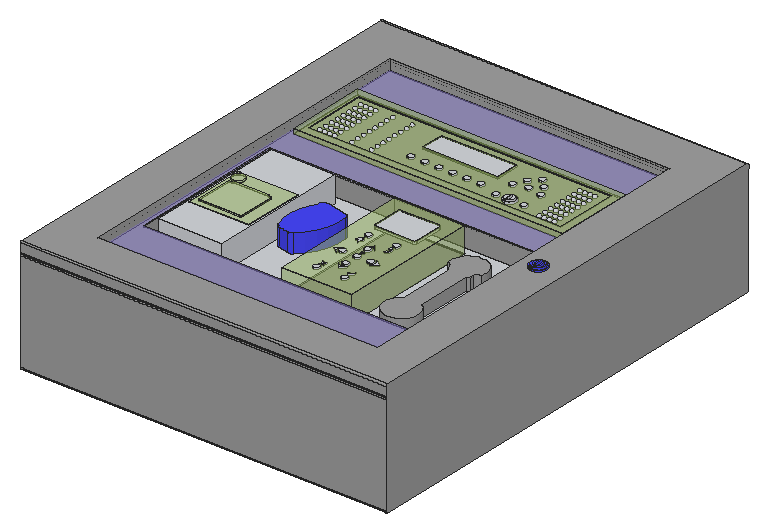
Revit family "Maxlogic Akıllı Adresli Yangın Alarm Santralı büyük kasa NPTA", category Fire Alarm Devices, host Face, Revit 2021
Family settings
  Host = Face
  Maintain Annotation Orientation = Yes
  Round Connector Dimension = Use Diameter
  Part Type = Normal
  OmniClass Number = 23.85.30.21
  OmniClass Title = Environmental Detection/Registration
  Cut with Voids When Loaded = No
  Shared = No
  Room Calculation Point = No
Parameters (values of type "Maxlogic Akıllı Adresli Yangın Alarm Santralı, Çevrimsiz, Network,Printer, Telefon, Anons")
  Weight = "~ 34,25 - 35,70 kg (Akü hariç ağırlık)"
  Weatherproof surface mounting back box = ""
  Warranty Duration Unit = "Year"
  Warranty Duration Parts = "2"
  Warranty Duration Labor = "2"
  Version = ""
  URL = "https://www.mavili.com.tr/"
  Recessed mounting base = ""
  Public Works Pose Number = ""
  Protection Sign = "IP30"
  Product Code = "ML-1250.NPTA"
  Phone Number = "(+)90 216 466 45 05"
  Operatonal Voltage (default) = ""
  Operating voltage range = ""
  Operating temperature = "(-10°C) - (+55°C)"
  Nominal Depth = "205 mm"
  Nominal Width = "650 mm"
  Nominal Height = "800 mm"
  Mounting surface = "Duvara montaj"
  Mounting height = ""
  Model = "MaxLogic"
  Manufacturer = "Mavili Elektronik Ticaret A.Ş."
  Installation Manual = "https://mavilielektronik.com/Revit/ML12XX_kk.pdf"
  Indicator output = ""
  Fax Number = "(+)90 216 466 45 10"
  External supply = "220 V AC"
  Email = "mavili@mavili.com.tr"
  Disclaimer = ""
  Device Adress Setup = ""
  Description = "Akıllı Adresli Yangın Alarm Santralı, Çevrimsiz, Network,Printer, Telefon, Anons"
  Default Elevation = 0 mm
  Current consumption = ""
  Cost unıt = ""
  Cost = 0
  Compatible sockets = ""
  Color = "Kırmızı"
  Code Performance = "EN 54\u001f-2 / EN 54-\u001f4"
  Main Material = "Metal Red"
  Secondary Material = "Plexiglas"
  Battery = "4 X (12V DC 7 Ah )"
  Address line 1 = "Şerifali Mahallesi Kutup Sokak No:27/1-2-4 Ümraniye TR-34775 İSTANBUL"
Reference planes
  plane 1 "Center (Front/Back)": y = 0
  plane 2: z = 0
  plane 3 "Center (Left/Right)": x = 0
Forms (mm)
  Extrusion 1, solid, material "MAVİLİ KIRMIZI"
    sketch origin (0, 0, 0) x (0, 1, 0) y (0, 0, 1)
      loop
        arc (400, 0) -> (401.202, 0.498) -> (401.7, 1.7) r 1.7
        line (401.7, 1.7) -> (401.7, 20) -> (401.7, 22) -> (401.7, 169.2) -> (401.7, 171.2) -> (401.7, 181.2)
        arc (401.7, 181.2) -> (401.319, 182.119) -> (400.4, 182.5) r 1.3
        line (400.4, 182.5) -> (375.5, 182.5) -> (375.5, 183.35) -> (400.4, 183.35)
        arc (400.4, 183.35) -> (402.238, 184.112) -> (403, 185.95) r 2.6
        line (403, 185.95) -> (403, 202.45)
        arc (403, 202.45) -> (402.268, 204.218) -> (400.5, 204.95) r 2.5
        line (400.5, 204.95) -> (-400.5, 204.95)
        arc (-400.5, 204.95) -> (-402.268, 204.218) -> (-403, 202.45) r 2.5
        line (-403, 202.45) -> (-403, 185.95)
        arc (-403, 185.95) -> (-402.238, 184.112) -> (-400.4, 183.35) r 2.6
        line (-400.4, 183.35) -> (-388, 183.35) -> (-375.4, 183.35) -> (-375.4, 182.507) -> (-400.401, 182.507)
        arc (-400.401, 182.507) -> (-401.319, 182.127) -> (-401.7, 181.208) r 1.299
        line (-401.7, 181.208) -> (-401.7, 1.7)
        arc (-401.7, 1.7) -> (-401.202, 0.498) -> (-400, 0) r 1.7
        line (-400, 0) -> (400, 0)
    from 0 to 653.309
  Extrusion 2, solid, material "MAVİLİ KOYU GRİ"
    sketch origin (0, 400.5, 204.95) x (0, -1, 0) y (1, 0, 0)
      loop
        circle (408.79, 607.566) r 14.964
    from 0 to 1.467
  Extrusion 3, solid, material "MAVİLİ KOYU GRİ"
    sketch origin (0, 400.5, 204.95) x (0, -1, 0) y (1, 0, 0)
      loop
        circle (408.79, 607.566) r 11.5
    from 0 to 3.526
  Extrusion 4, solid, material "MAVİLİ KOYU GRİ"
    sketch origin (0, 400.5, 204.95) x (0, -1, 0) y (1, 0, 0)
      loop
        circle (408.79, 607.566) r 7.5
    from 0 to 4.805
  Extrusion 5, solid, material "MAVİLİ KOYU GRİ"
    sketch origin (0, 400.5, 204.95) x (0, -1, 0) y (1, 0, 0)
      loop
        line (414.975, 609.11) -> (402.606, 609.11) -> (402.606, 606.022) -> (414.975, 606.022) -> (414.975, 609.11)
    from 0 to 7.467
  Extrusion 6, void
    sketch origin (0, 0, 0) x (1, 0, 0) y (0, 1, 0)
      loop
        line (77.8, 322.429) -> (77.8, -327.571) -> (577.8, -327.571) -> (577.8, 322.429) -> (77.8, 322.429)
    from 185.95 to 212.35
  Extrusion 7, solid, material "MAVİLİ BEYAZ"
    sketch origin (0, 0, 185.95) x (1, 0, 0) y (0, 1, 0)
      loop
        line (87.8, 238.929) -> (87.8, 95.929) -> (567.8, 95.929) -> (567.8, 238.929) -> (87.8, 238.929)
    from 0 to 11.04
  Extrusion 8, void
    sketch origin (0, 0, 196.99) x (0, 1, 0) y (1, 0, 0)
      loop
        line (223.929, 102.8) -> (223.929, 552.8) -> (110.929, 552.8) -> (110.929, 102.8) -> (223.929, 102.8)
    from 0 to 2.067
  Revolve 9, solid
    sketch origin (0, 0, 194.923) x (0, 1, 0) y (-1, 0, 0)
      loop
        line (211.929, -117.7) -> (205.929, -117.7)
        arc (205.929, -117.7) -> (208.929, -120.7) -> (211.929, -117.7) r 3
      axis (211.929, -117.7) -> (205.929, -117.7)
    angle from 0 to -180
  Revolve 10, solid
    sketch origin (9, 0, 194.923) x (0, 1, 0) y (-1, 0, 0)
      loop
        line (211.929, -117.7) -> (205.929, -117.7)
        arc (205.929, -117.7) -> (208.929, -120.7) -> (211.929, -117.7) r 3
      axis (211.929, -117.7) -> (205.929, -117.7)
    angle from 0 to -180
  Revolve 11, solid
    sketch origin (18, 0, 194.923) x (0, 1, 0) y (-1, 0, 0)
      loop
        line (211.929, -117.7) -> (205.929, -117.7)
        arc (205.929, -117.7) -> (208.929, -120.7) -> (211.929, -117.7) r 3
      axis (211.929, -117.7) -> (205.929, -117.7)
    angle from 0 to -180
  Revolve 12, solid
    sketch origin (27, 0, 194.923) x (0, 1, 0) y (-1, 0, 0)
      loop
        line (211.929, -117.7) -> (205.929, -117.7)
        arc (205.929, -117.7) -> (208.929, -120.7) -> (211.929, -117.7) r 3
      axis (211.929, -117.7) -> (205.929, -117.7)
    angle from 0 to -180
  Revolve 13, solid
    sketch origin (0, -13, 194.923) x (0, 1, 0) y (-1, 0, 0)
      loop
        line (211.929, -117.7) -> (205.929, -117.7)
        arc (205.929, -117.7) -> (208.929, -120.7) -> (211.929, -117.7) r 3
      axis (211.929, -117.7) -> (205.929, -117.7)
    angle from 0 to -180
  Revolve 14, solid
    sketch origin (9, -13, 194.923) x (0, 1, 0) y (-1, 0, 0)
      loop
        line (211.929, -117.7) -> (205.929, -117.7)
        arc (205.929, -117.7) -> (208.929, -120.7) -> (211.929, -117.7) r 3
      axis (211.929, -117.7) -> (205.929, -117.7)
    angle from 0 to -180
  Revolve 15, solid
    sketch origin (18, -13, 194.923) x (0, 1, 0) y (-1, 0, 0)
      loop
        line (211.929, -117.7) -> (205.929, -117.7)
        arc (205.929, -117.7) -> (208.929, -120.7) -> (211.929, -117.7) r 3
      axis (211.929, -117.7) -> (205.929, -117.7)
    angle from 0 to -180
  Revolve 16, solid
    sketch origin (27, -13, 194.923) x (0, 1, 0) y (-1, 0, 0)
      loop
        line (211.929, -117.7) -> (205.929, -117.7)
        arc (205.929, -117.7) -> (208.929, -120.7) -> (211.929, -117.7) r 3
      axis (211.929, -117.7) -> (205.929, -117.7)
    angle from 0 to -180
  Revolve 17, solid
    sketch origin (0, -26, 194.923) x (0, 1, 0) y (-1, 0, 0)
      loop
        line (211.929, -117.7) -> (205.929, -117.7)
        arc (205.929, -117.7) -> (208.929, -120.7) -> (211.929, -117.7) r 3
      axis (211.929, -117.7) -> (205.929, -117.7)
    angle from 0 to -180
  Revolve 18, solid
    sketch origin (9, -26, 194.923) x (0, 1, 0) y (-1, 0, 0)
      loop
        line (211.929, -117.7) -> (205.929, -117.7)
        arc (205.929, -117.7) -> (208.929, -120.7) -> (211.929, -117.7) r 3
      axis (211.929, -117.7) -> (205.929, -117.7)
    angle from 0 to -180
  Revolve 19, solid
    sketch origin (18, -26, 194.923) x (0, 1, 0) y (-1, 0, 0)
      loop
        line (211.929, -117.7) -> (205.929, -117.7)
        arc (205.929, -117.7) -> (208.929, -120.7) -> (211.929, -117.7) r 3
      axis (211.929, -117.7) -> (205.929, -117.7)
    angle from 0 to -180
  Revolve 20, solid
    sketch origin (27, -26, 194.923) x (0, 1, 0) y (-1, 0, 0)
      loop
        line (211.929, -117.7) -> (205.929, -117.7)
        arc (205.929, -117.7) -> (208.929, -120.7) -> (211.929, -117.7) r 3
      axis (211.929, -117.7) -> (205.929, -117.7)
    angle from 0 to -180
  Revolve 21, solid
    sketch origin (0, -39, 194.923) x (0, 1, 0) y (-1, 0, 0)
      loop
        line (211.929, -117.7) -> (205.929, -117.7)
        arc (205.929, -117.7) -> (208.929, -120.7) -> (211.929, -117.7) r 3
      axis (211.929, -117.7) -> (205.929, -117.7)
    angle from 0 to -180
  Revolve 22, solid
    sketch origin (9, -39, 194.923) x (0, 1, 0) y (-1, 0, 0)
      loop
        line (211.929, -117.7) -> (205.929, -117.7)
        arc (205.929, -117.7) -> (208.929, -120.7) -> (211.929, -117.7) r 3
      axis (211.929, -117.7) -> (205.929, -117.7)
    angle from 0 to -180
  Revolve 23, solid
    sketch origin (18, -39, 194.923) x (0, 1, 0) y (-1, 0, 0)
      loop
        line (211.929, -117.7) -> (205.929, -117.7)
        arc (205.929, -117.7) -> (208.929, -120.7) -> (211.929, -117.7) r 3
      axis (211.929, -117.7) -> (205.929, -117.7)
    angle from 0 to -180
  Revolve 24, solid
    sketch origin (27, -39, 194.923) x (0, 1, 0) y (-1, 0, 0)
      loop
        line (211.929, -117.7) -> (205.929, -117.7)
        arc (205.929, -117.7) -> (208.929, -120.7) -> (211.929, -117.7) r 3
      axis (211.929, -117.7) -> (205.929, -117.7)
    angle from 0 to -180
  Revolve 25, solid
    sketch origin (0, -52, 194.923) x (0, 1, 0) y (-1, 0, 0)
      loop
        line (211.929, -117.7) -> (205.929, -117.7)
        arc (205.929, -117.7) -> (208.929, -120.7) -> (211.929, -117.7) r 3
      axis (211.929, -117.7) -> (205.929, -117.7)
    angle from 0 to -180
  Revolve 26, solid
    sketch origin (9, -52, 194.923) x (0, 1, 0) y (-1, 0, 0)
      loop
        line (211.929, -117.7) -> (205.929, -117.7)
        arc (205.929, -117.7) -> (208.929, -120.7) -> (211.929, -117.7) r 3
      axis (211.929, -117.7) -> (205.929, -117.7)
    angle from 0 to -180
  Revolve 27, solid
    sketch origin (18, -52, 194.923) x (0, 1, 0) y (-1, 0, 0)
      loop
        line (211.929, -117.7) -> (205.929, -117.7)
        arc (205.929, -117.7) -> (208.929, -120.7) -> (211.929, -117.7) r 3
      axis (211.929, -117.7) -> (205.929, -117.7)
    angle from 0 to -180
  Revolve 28, solid
    sketch origin (27, -52, 194.923) x (0, 1, 0) y (-1, 0, 0)
      loop
        line (211.929, -117.7) -> (205.929, -117.7)
        arc (205.929, -117.7) -> (208.929, -120.7) -> (211.929, -117.7) r 3
      axis (211.929, -117.7) -> (205.929, -117.7)
    angle from 0 to -180
  Revolve 29, solid
    sketch origin (0, -65, 194.923) x (0, 1, 0) y (-1, 0, 0)
      loop
        line (211.929, -117.7) -> (205.929, -117.7)
        arc (205.929, -117.7) -> (208.929, -120.7) -> (211.929, -117.7) r 3
      axis (211.929, -117.7) -> (205.929, -117.7)
    angle from 0 to -180
  Revolve 30, solid
    sketch origin (9, -65, 194.923) x (0, 1, 0) y (-1, 0, 0)
      loop
        line (211.929, -117.7) -> (205.929, -117.7)
        arc (205.929, -117.7) -> (208.929, -120.7) -> (211.929, -117.7) r 3
      axis (211.929, -117.7) -> (205.929, -117.7)
    angle from 0 to -180
  Revolve 31, solid
    sketch origin (18, -65, 194.923) x (0, 1, 0) y (-1, 0, 0)
      loop
        line (211.929, -117.7) -> (205.929, -117.7)
        arc (205.929, -117.7) -> (208.929, -120.7) -> (211.929, -117.7) r 3
      axis (211.929, -117.7) -> (205.929, -117.7)
    angle from 0 to -180
  Revolve 32, solid
    sketch origin (27, -65, 194.923) x (0, 1, 0) y (-1, 0, 0)
      loop
        line (211.929, -117.7) -> (205.929, -117.7)
        arc (205.929, -117.7) -> (208.929, -120.7) -> (211.929, -117.7) r 3
      axis (211.929, -117.7) -> (205.929, -117.7)
    angle from 0 to -180
  Revolve 33, solid
    sketch origin (0, -78, 194.923) x (0, 1, 0) y (-1, 0, 0)
      loop
        line (211.929, -117.7) -> (205.929, -117.7)
        arc (205.929, -117.7) -> (208.929, -120.7) -> (211.929, -117.7) r 3
      axis (211.929, -117.7) -> (205.929, -117.7)
    angle from 0 to -180
  Revolve 34, solid
    sketch origin (9, -78, 194.923) x (0, 1, 0) y (-1, 0, 0)
      loop
        line (211.929, -117.7) -> (205.929, -117.7)
        arc (205.929, -117.7) -> (208.929, -120.7) -> (211.929, -117.7) r 3
      axis (211.929, -117.7) -> (205.929, -117.7)
    angle from 0 to -180
  Revolve 35, solid
    sketch origin (18, -78, 194.923) x (0, 1, 0) y (-1, 0, 0)
      loop
        line (211.929, -117.7) -> (205.929, -117.7)
        arc (205.929, -117.7) -> (208.929, -120.7) -> (211.929, -117.7) r 3
      axis (211.929, -117.7) -> (205.929, -117.7)
    angle from 0 to -180
  Revolve 36, solid
    sketch origin (27, -78, 194.923) x (0, 1, 0) y (-1, 0, 0)
      loop
        line (211.929, -117.7) -> (205.929, -117.7)
        arc (205.929, -117.7) -> (208.929, -120.7) -> (211.929, -117.7) r 3
      axis (211.929, -117.7) -> (205.929, -117.7)
    angle from 0 to -180
  Revolve 37, solid
    sketch origin (0, -91, 194.923) x (0, 1, 0) y (-1, 0, 0)
      loop
        line (211.929, -117.7) -> (205.929, -117.7)
        arc (205.929, -117.7) -> (208.929, -120.7) -> (211.929, -117.7) r 3
      axis (211.929, -117.7) -> (205.929, -117.7)
    angle from 0 to -180
  Revolve 38, solid
    sketch origin (9, -91, 194.923) x (0, 1, 0) y (-1, 0, 0)
      loop
        line (211.929, -117.7) -> (205.929, -117.7)
        arc (205.929, -117.7) -> (208.929, -120.7) -> (211.929, -117.7) r 3
      axis (211.929, -117.7) -> (205.929, -117.7)
    angle from 0 to -180
  Revolve 39, solid
    sketch origin (18, -91, 194.923) x (0, 1, 0) y (-1, 0, 0)
      loop
        line (211.929, -117.7) -> (205.929, -117.7)
        arc (205.929, -117.7) -> (208.929, -120.7) -> (211.929, -117.7) r 3
      axis (211.929, -117.7) -> (205.929, -117.7)
    angle from 0 to -180
  Revolve 40, solid
    sketch origin (27, -91, 194.923) x (0, 1, 0) y (-1, 0, 0)
      loop
        line (211.929, -117.7) -> (205.929, -117.7)
        arc (205.929, -117.7) -> (208.929, -120.7) -> (211.929, -117.7) r 3
      axis (211.929, -117.7) -> (205.929, -117.7)
    angle from 0 to -180
  Revolve 41, solid
    sketch origin (57, 0, 194.923) x (0, 1, 0) y (-1, 0, 0)
      loop
        line (211.929, -117.7) -> (205.929, -117.7)
        arc (205.929, -117.7) -> (208.929, -120.7) -> (211.929, -117.7) r 3
      axis (211.929, -117.7) -> (205.929, -117.7)
    angle from 0 to -180
  Revolve 42, solid
    sketch origin (57, -13, 194.923) x (0, 1, 0) y (-1, 0, 0)
      loop
        line (211.929, -117.7) -> (205.929, -117.7)
        arc (205.929, -117.7) -> (208.929, -120.7) -> (211.929, -117.7) r 3
      axis (211.929, -117.7) -> (205.929, -117.7)
    angle from 0 to -180
  Revolve 43, solid
    sketch origin (57, -26, 194.923) x (0, 1, 0) y (-1, 0, 0)
      loop
        line (211.929, -117.7) -> (205.929, -117.7)
        arc (205.929, -117.7) -> (208.929, -120.7) -> (211.929, -117.7) r 3
      axis (211.929, -117.7) -> (205.929, -117.7)
    angle from 0 to -180
  Revolve 44, solid
    sketch origin (57, -39, 194.923) x (0, 1, 0) y (-1, 0, 0)
      loop
        line (211.929, -117.7) -> (205.929, -117.7)
        arc (205.929, -117.7) -> (208.929, -120.7) -> (211.929, -117.7) r 3
      axis (211.929, -117.7) -> (205.929, -117.7)
    angle from 0 to -180
  Revolve 45, solid
    sketch origin (57, -52, 194.923) x (0, 1, 0) y (-1, 0, 0)
      loop
        line (211.929, -117.7) -> (205.929, -117.7)
        arc (205.929, -117.7) -> (208.929, -120.7) -> (211.929, -117.7) r 3
      axis (211.929, -117.7) -> (205.929, -117.7)
    angle from 0 to -180
  Revolve 46, solid
    sketch origin (57, -65, 194.923) x (0, 1, 0) y (-1, 0, 0)
      loop
        line (211.929, -117.7) -> (205.929, -117.7)
        arc (205.929, -117.7) -> (208.929, -120.7) -> (211.929, -117.7) r 3
      axis (211.929, -117.7) -> (205.929, -117.7)
    angle from 0 to -180
  Revolve 47, solid
    sketch origin (57, -78, 194.923) x (0, 1, 0) y (-1, 0, 0)
      loop
        line (211.929, -117.7) -> (205.929, -117.7)
        arc (205.929, -117.7) -> (208.929, -120.7) -> (211.929, -117.7) r 3
      axis (211.929, -117.7) -> (205.929, -117.7)
    angle from 0 to -180
  Revolve 48, solid
    sketch origin (57, -91, 194.923) x (0, 1, 0) y (-1, 0, 0)
      loop
        line (211.929, -117.7) -> (205.929, -117.7)
        arc (205.929, -117.7) -> (208.929, -120.7) -> (211.929, -117.7) r 3
      axis (211.929, -117.7) -> (205.929, -117.7)
    angle from 0 to -180
  Revolve 49, solid
    sketch origin (92, 0, 194.923) x (0, 1, 0) y (-1, 0, 0)
      loop
        line (211.929, -117.7) -> (205.929, -117.7)
        arc (205.929, -117.7) -> (208.929, -120.7) -> (211.929, -117.7) r 3
      axis (211.929, -117.7) -> (205.929, -117.7)
    angle from 0 to -180
  Revolve 50, solid
    sketch origin (92, -13, 194.923) x (0, 1, 0) y (-1, 0, 0)
      loop
        line (211.929, -117.7) -> (205.929, -117.7)
        arc (205.929, -117.7) -> (208.929, -120.7) -> (211.929, -117.7) r 3
      axis (211.929, -117.7) -> (205.929, -117.7)
    angle from 0 to -180
  Revolve 51, solid
    sketch origin (92, -26, 194.923) x (0, 1, 0) y (-1, 0, 0)
      loop
        line (211.929, -117.7) -> (205.929, -117.7)
        arc (205.929, -117.7) -> (208.929, -120.7) -> (211.929, -117.7) r 3
      axis (211.929, -117.7) -> (205.929, -117.7)
    angle from 0 to -180
  Revolve 52, solid
    sketch origin (92, -39, 194.923) x (0, 1, 0) y (-1, 0, 0)
      loop
        line (211.929, -117.7) -> (205.929, -117.7)
        arc (205.929, -117.7) -> (208.929, -120.7) -> (211.929, -117.7) r 3
      axis (211.929, -117.7) -> (205.929, -117.7)
    angle from 0 to -180
  Revolve 53, solid
    sketch origin (92, -52, 194.923) x (0, 1, 0) y (-1, 0, 0)
      loop
        line (211.929, -117.7) -> (205.929, -117.7)
        arc (205.929, -117.7) -> (208.929, -120.7) -> (211.929, -117.7) r 3
      axis (211.929, -117.7) -> (205.929, -117.7)
    angle from 0 to -180
  Revolve 54, solid
    sketch origin (92, -65, 194.923) x (0, 1, 0) y (-1, 0, 0)
      loop
        line (211.929, -117.7) -> (205.929, -117.7)
        arc (205.929, -117.7) -> (208.929, -120.7) -> (211.929, -117.7) r 3
      axis (211.929, -117.7) -> (205.929, -117.7)
    angle from 0 to -180
  Revolve 55, solid
    sketch origin (92, -78, 194.923) x (0, 1, 0) y (-1, 0, 0)
      loop
        line (211.929, -117.7) -> (205.929, -117.7)
        arc (205.929, -117.7) -> (208.929, -120.7) -> (211.929, -117.7) r 3
      axis (211.929, -117.7) -> (205.929, -117.7)
    angle from 0 to -180
  Revolve 56, solid
    sketch origin (92, -91, 194.923) x (0, 1, 0) y (-1, 0, 0)
      loop
        line (211.929, -117.7) -> (205.929, -117.7)
        arc (205.929, -117.7) -> (208.929, -120.7) -> (211.929, -117.7) r 3
      axis (211.929, -117.7) -> (205.929, -117.7)
    angle from 0 to -180
  Extrusion 57, solid
    sketch origin (0, 0, 194.923) x (0, 1, 0) y (-1, 0, 0)
      loop
        circle (137.429, -264.2) r 5.5
    from 0 to 1.44
  Extrusion 58, solid
    sketch origin (25, 0, 194.923) x (0, 1, 0) y (-1, 0, 0)
      loop
        circle (137.429, -264.2) r 5.5
    from 0 to 1.44
  Extrusion 59, solid
    sketch origin (50, 0, 194.923) x (0, 1, 0) y (-1, 0, 0)
      loop
        circle (137.429, -264.2) r 5.5
    from 0 to 1.44
  Extrusion 60, solid
    sketch origin (75, 0, 194.923) x (0, 1, 0) y (-1, 0, 0)
      loop
        circle (137.429, -264.2) r 5.5
    from 0 to 1.44
  Extrusion 61, solid
    sketch origin (100, 0, 194.923) x (0, 1, 0) y (-1, 0, 0)
      loop
        circle (137.429, -264.2) r 5.5
    from 0 to 1.44
  Extrusion 62, solid
    sketch origin (125, 0, 194.923) x (0, 1, 0) y (-1, 0, 0)
      loop
        circle (137.429, -264.2) r 5.5
    from 0 to 1.44
  Extrusion 63, solid
    sketch origin (159.838, -9.99, 194.923) x (0, 1, 0) y (-1, 0, 0)
      loop
        circle (137.429, -264.2) r 5.5
    from 0 to 1.44
  Extrusion 64, solid
    sketch origin (209.838, -9.99, 194.923) x (0, 1, 0) y (-1, 0, 0)
      loop
        circle (137.429, -264.2) r 5.5
    from 0 to 1.44
  Extrusion 65, solid
    sketch origin (209.838, 27.51, 194.923) x (0, 1, 0) y (-1, 0, 0)
      loop
        circle (137.429, -264.2) r 5.5
    from 0 to 1.44
  Extrusion 66, solid
    sketch origin (184.09, 32.515, 194.923) x (0, 1, 0) y (-1, 0, 0)
      loop
        circle (137.429, -264.2) r 5.5
    from 0 to 1.44
  Extrusion 67, solid
    sketch origin (159.636, 27.318, 194.923) x (0, 1, 0) y (-1, 0, 0)
      loop
        circle (137.429, -264.2) r 5.5
    from 0 to 1.44
  Extrusion 68, solid
    sketch origin (169.48, 47.5, 194.923) x (0, 1, 0) y (-1, 0, 0)
      loop
        circle (137.429, -264.2) r 5.5
    from 0 to 1.44
  Extrusion 69, solid
    sketch origin (199.52, 47.5, 194.923) x (0, 1, 0) y (-1, 0, 0)
      loop
        circle (137.429, -264.2) r 5.5
    from 0 to 1.44
  Extrusion 70, solid
    sketch origin (184.52, 62.5, 194.923) x (0, 1, 0) y (-1, 0, 0)
      loop
        circle (137.429, -264.2) r 5.5
    from 0 to 1.44
  Revolve 71, solid
    sketch origin (391, 0, 194.923) x (0, 1, 0) y (-1, 0, 0)
      loop
        line (211.929, -117.7) -> (205.929, -117.7)
        arc (205.929, -117.7) -> (208.929, -120.7) -> (211.929, -117.7) r 3
      axis (211.929, -117.7) -> (205.929, -117.7)
    angle from 0 to -180
  Revolve 72, solid
    sketch origin (400, 0, 194.923) x (0, 1, 0) y (-1, 0, 0)
      loop
        line (211.929, -117.7) -> (205.929, -117.7)
        arc (205.929, -117.7) -> (208.929, -120.7) -> (211.929, -117.7) r 3
      axis (211.929, -117.7) -> (205.929, -117.7)
    angle from 0 to -180
  Revolve 73, solid
    sketch origin (409, 0, 194.923) x (0, 1, 0) y (-1, 0, 0)
      loop
        line (211.929, -117.7) -> (205.929, -117.7)
        arc (205.929, -117.7) -> (208.929, -120.7) -> (211.929, -117.7) r 3
      axis (211.929, -117.7) -> (205.929, -117.7)
    angle from 0 to -180
  Revolve 74, solid
    sketch origin (418, 0, 194.923) x (0, 1, 0) y (-1, 0, 0)
      loop
        line (211.929, -117.7) -> (205.929, -117.7)
        arc (205.929, -117.7) -> (208.929, -120.7) -> (211.929, -117.7) r 3
      axis (211.929, -117.7) -> (205.929, -117.7)
    angle from 0 to -180
  Revolve 75, solid
    sketch origin (391, -13, 194.923) x (0, 1, 0) y (-1, 0, 0)
      loop
        line (211.929, -117.7) -> (205.929, -117.7)
        arc (205.929, -117.7) -> (208.929, -120.7) -> (211.929, -117.7) r 3
      axis (211.929, -117.7) -> (205.929, -117.7)
    angle from 0 to -180
  Revolve 76, solid
    sketch origin (400, -13, 194.923) x (0, 1, 0) y (-1, 0, 0)
      loop
        line (211.929, -117.7) -> (205.929, -117.7)
        arc (205.929, -117.7) -> (208.929, -120.7) -> (211.929, -117.7) r 3
      axis (211.929, -117.7) -> (205.929, -117.7)
    angle from 0 to -180
  Revolve 77, solid
    sketch origin (409, -13, 194.923) x (0, 1, 0) y (-1, 0, 0)
      loop
        line (211.929, -117.7) -> (205.929, -117.7)
        arc (205.929, -117.7) -> (208.929, -120.7) -> (211.929, -117.7) r 3
      axis (211.929, -117.7) -> (205.929, -117.7)
    angle from 0 to -180
  Revolve 78, solid
    sketch origin (418, -13, 194.923) x (0, 1, 0) y (-1, 0, 0)
      loop
        line (211.929, -117.7) -> (205.929, -117.7)
        arc (205.929, -117.7) -> (208.929, -120.7) -> (211.929, -117.7) r 3
      axis (211.929, -117.7) -> (205.929, -117.7)
    angle from 0 to -180
  Revolve 79, solid
    sketch origin (391, -26, 194.923) x (0, 1, 0) y (-1, 0, 0)
      loop
        line (211.929, -117.7) -> (205.929, -117.7)
        arc (205.929, -117.7) -> (208.929, -120.7) -> (211.929, -117.7) r 3
      axis (211.929, -117.7) -> (205.929, -117.7)
    angle from 0 to -180
  Revolve 80, solid
    sketch origin (400, -26, 194.923) x (0, 1, 0) y (-1, 0, 0)
      loop
        line (211.929, -117.7) -> (205.929, -117.7)
        arc (205.929, -117.7) -> (208.929, -120.7) -> (211.929, -117.7) r 3
      axis (211.929, -117.7) -> (205.929, -117.7)
    angle from 0 to -180
  Revolve 81, solid
    sketch origin (409, -26, 194.923) x (0, 1, 0) y (-1, 0, 0)
      loop
        line (211.929, -117.7) -> (205.929, -117.7)
        arc (205.929, -117.7) -> (208.929, -120.7) -> (211.929, -117.7) r 3
      axis (211.929, -117.7) -> (205.929, -117.7)
    angle from 0 to -180
  Revolve 82, solid
    sketch origin (418, -26, 194.923) x (0, 1, 0) y (-1, 0, 0)
      loop
        line (211.929, -117.7) -> (205.929, -117.7)
        arc (205.929, -117.7) -> (208.929, -120.7) -> (211.929, -117.7) r 3
      axis (211.929, -117.7) -> (205.929, -117.7)
    angle from 0 to -180
  Revolve 83, solid
    sketch origin (391, -39, 194.923) x (0, 1, 0) y (-1, 0, 0)
      loop
        line (211.929, -117.7) -> (205.929, -117.7)
        arc (205.929, -117.7) -> (208.929, -120.7) -> (211.929, -117.7) r 3
      axis (211.929, -117.7) -> (205.929, -117.7)
    angle from 0 to -180
  Revolve 84, solid
    sketch origin (400, -39, 194.923) x (0, 1, 0) y (-1, 0, 0)
      loop
        line (211.929, -117.7) -> (205.929, -117.7)
        arc (205.929, -117.7) -> (208.929, -120.7) -> (211.929, -117.7) r 3
      axis (211.929, -117.7) -> (205.929, -117.7)
    angle from 0 to -180
  Revolve 85, solid
    sketch origin (409, -39, 194.923) x (0, 1, 0) y (-1, 0, 0)
      loop
        line (211.929, -117.7) -> (205.929, -117.7)
        arc (205.929, -117.7) -> (208.929, -120.7) -> (211.929, -117.7) r 3
      axis (211.929, -117.7) -> (205.929, -117.7)
    angle from 0 to -180
  Revolve 86, solid
    sketch origin (418, -39, 194.923) x (0, 1, 0) y (-1, 0, 0)
      loop
        line (211.929, -117.7) -> (205.929, -117.7)
        arc (205.929, -117.7) -> (208.929, -120.7) -> (211.929, -117.7) r 3
      axis (211.929, -117.7) -> (205.929, -117.7)
    angle from 0 to -180
  Revolve 87, solid
    sketch origin (391, -52, 194.923) x (0, 1, 0) y (-1, 0, 0)
      loop
        line (211.929, -117.7) -> (205.929, -117.7)
        arc (205.929, -117.7) -> (208.929, -120.7) -> (211.929, -117.7) r 3
      axis (211.929, -117.7) -> (205.929, -117.7)
    angle from 0 to -180
  Revolve 88, solid
    sketch origin (400, -52, 194.923) x (0, 1, 0) y (-1, 0, 0)
      loop
        line (211.929, -117.7) -> (205.929, -117.7)
        arc (205.929, -117.7) -> (208.929, -120.7) -> (211.929, -117.7) r 3
      axis (211.929, -117.7) -> (205.929, -117.7)
    angle from 0 to -180
  Revolve 89, solid
    sketch origin (409, -52, 194.923) x (0, 1, 0) y (-1, 0, 0)
      loop
        line (211.929, -117.7) -> (205.929, -117.7)
        arc (205.929, -117.7) -> (208.929, -120.7) -> (211.929, -117.7) r 3
      axis (211.929, -117.7) -> (205.929, -117.7)
    angle from 0 to -180
  Revolve 90, solid
    sketch origin (418, -52, 194.923) x (0, 1, 0) y (-1, 0, 0)
      loop
        line (211.929, -117.7) -> (205.929, -117.7)
        arc (205.929, -117.7) -> (208.929, -120.7) -> (211.929, -117.7) r 3
      axis (211.929, -117.7) -> (205.929, -117.7)
    angle from 0 to -180
  Revolve 91, solid
    sketch origin (391, -65, 194.923) x (0, 1, 0) y (-1, 0, 0)
      loop
        line (211.929, -117.7) -> (205.929, -117.7)
        arc (205.929, -117.7) -> (208.929, -120.7) -> (211.929, -117.7) r 3
      axis (211.929, -117.7) -> (205.929, -117.7)
    angle from 0 to -180
  Revolve 92, solid
    sketch origin (400, -65, 194.923) x (0, 1, 0) y (-1, 0, 0)
      loop
        line (211.929, -117.7) -> (205.929, -117.7)
        arc (205.929, -117.7) -> (208.929, -120.7) -> (211.929, -117.7) r 3
      axis (211.929, -117.7) -> (205.929, -117.7)
    angle from 0 to -180
  Revolve 93, solid
    sketch origin (409, -65, 194.923) x (0, 1, 0) y (-1, 0, 0)
      loop
        line (211.929, -117.7) -> (205.929, -117.7)
        arc (205.929, -117.7) -> (208.929, -120.7) -> (211.929, -117.7) r 3
      axis (211.929, -117.7) -> (205.929, -117.7)
    angle from 0 to -180
  Revolve 94, solid
    sketch origin (418, -65, 194.923) x (0, 1, 0) y (-1, 0, 0)
      loop
        line (211.929, -117.7) -> (205.929, -117.7)
        arc (205.929, -117.7) -> (208.929, -120.7) -> (211.929, -117.7) r 3
      axis (211.929, -117.7) -> (205.929, -117.7)
    angle from 0 to -180
  Revolve 95, solid
    sketch origin (391, -78, 194.923) x (0, 1, 0) y (-1, 0, 0)
      loop
        line (211.929, -117.7) -> (205.929, -117.7)
        arc (205.929, -117.7) -> (208.929, -120.7) -> (211.929, -117.7) r 3
      axis (211.929, -117.7) -> (205.929, -117.7)
    angle from 0 to -180
  Revolve 96, solid
    sketch origin (400, -78, 194.923) x (0, 1, 0) y (-1, 0, 0)
      loop
        line (211.929, -117.7) -> (205.929, -117.7)
        arc (205.929, -117.7) -> (208.929, -120.7) -> (211.929, -117.7) r 3
      axis (211.929, -117.7) -> (205.929, -117.7)
    angle from 0 to -180
  Revolve 97, solid
    sketch origin (409, -78, 194.923) x (0, 1, 0) y (-1, 0, 0)
      loop
        line (211.929, -117.7) -> (205.929, -117.7)
        arc (205.929, -117.7) -> (208.929, -120.7) -> (211.929, -117.7) r 3
      axis (211.929, -117.7) -> (205.929, -117.7)
    angle from 0 to -180
  Revolve 98, solid
    sketch origin (418, -78, 194.923) x (0, 1, 0) y (-1, 0, 0)
      loop
        line (211.929, -117.7) -> (205.929, -117.7)
        arc (205.929, -117.7) -> (208.929, -120.7) -> (211.929, -117.7) r 3
      axis (211.929, -117.7) -> (205.929, -117.7)
    angle from 0 to -180
  Revolve 99, solid
    sketch origin (391, -91, 194.923) x (0, 1, 0) y (-1, 0, 0)
      loop
        line (211.929, -117.7) -> (205.929, -117.7)
        arc (205.929, -117.7) -> (208.929, -120.7) -> (211.929, -117.7) r 3
      axis (211.929, -117.7) -> (205.929, -117.7)
    angle from 0 to -180
  Revolve 100, solid
    sketch origin (400, -91, 194.923) x (0, 1, 0) y (-1, 0, 0)
      loop
        line (211.929, -117.7) -> (205.929, -117.7)
        arc (205.929, -117.7) -> (208.929, -120.7) -> (211.929, -117.7) r 3
      axis (211.929, -117.7) -> (205.929, -117.7)
    angle from 0 to -180
  Revolve 101, solid
    sketch origin (409, -91, 194.923) x (0, 1, 0) y (-1, 0, 0)
      loop
        line (211.929, -117.7) -> (205.929, -117.7)
        arc (205.929, -117.7) -> (208.929, -120.7) -> (211.929, -117.7) r 3
      axis (211.929, -117.7) -> (205.929, -117.7)
    angle from 0 to -180
  Revolve 102, solid
    sketch origin (418, -91, 194.923) x (0, 1, 0) y (-1, 0, 0)
      loop
        line (211.929, -117.7) -> (205.929, -117.7)
        arc (205.929, -117.7) -> (208.929, -120.7) -> (211.929, -117.7) r 3
      axis (211.929, -117.7) -> (205.929, -117.7)
    angle from 0 to -180
  Extrusion 103, solid
    sketch origin (0, 0, 194.923) x (0, 1, 0) y (-1, 0, 0)
      loop
        circle (127.429, -448.7) r 11
    from 0 to 3
  Extrusion 104, solid
    sketch origin (0, 0, 194.923) x (0, 1, 0) y (-1, 0, 0)
      loop
        circle (127.429, -448.7) r 8.113
    from 0 to 5
  Extrusion 105, solid
    sketch origin (0, 0, 194.923) x (0, 1, 0) y (-1, 0, 0)
      loop
        line (131.17, -447.45) -> (121.17, -447.45) -> (121.17, -449.95) -> (131.17, -449.95) -> (131.17, -447.45)
    from 0 to 7
  Extrusion 106, void
    sketch origin (0, 0, 194.923) x (-1, 0, 0) y (0, 1, 0)
      loop
        line (-259.7, 210.929) -> (-393.7, 210.929) -> (-393.7, 169.929) -> (-259.7, 169.929) -> (-259.7, 210.929)
    from 0 to 4.399
  Extrusion 107, solid, material "MAVİLİ SİYAH"
    sketch origin (0, 0, 185.95) x (1, 0, 0) y (0, 1, 0)
      loop
        line (77.8, 322.429) -> (77.8, -327.571) -> (577.8, -327.571) -> (577.8, 322.429) -> (77.8, 322.429)
      loop
        line (87.8, 238.929) -> (87.8, 95.929) -> (567.8, 95.929) -> (567.8, 238.929) -> (87.8, 238.929)
      loop
        line (87.8, 44.429) -> (87.8, -237.571) -> (567.8, -237.571) -> (567.8, 44.429) -> (87.8, 44.429)
    from 0 to 2
  Extrusion 108, void
    sketch origin (0, 0, 185.95) x (0, 1, 0) y (1, 0, 0)
      loop
        line (44.429, 87.8) -> (44.429, 567.8) -> (-237.571, 567.8) -> (-237.571, 87.8) -> (44.429, 87.8)
    from -8.973 to 35.649
  Extrusion 109, solid, material "MAVİLİ BEYAZ"
    sketch origin (0, 0, 150.301) x (0, 1, 0) y (-1, 0, 0)
      loop
        line (29.429, -322.2) -> (-222.571, -322.2) -> (-222.571, -447.2) -> (29.429, -447.2) -> (29.429, -322.2)
    from 0 to 46.689
  Extrusion 110, void
    sketch origin (0, 0, 196.99) x (-1, 0, 0) y (0, 1, 0)
      loop
        arc (-418.722, 7.929) -> (-420.828, 7.057) -> (-421.7, 4.952) r 2.978
        line (-421.7, 4.952) -> (-421.7, -46.721)
        arc (-421.7, -46.721) -> (-420.719, -49.09) -> (-418.35, -50.071) r 3.35
        line (-418.35, -50.071) -> (-350.678, -50.071)
        arc (-350.678, -50.071) -> (-348.572, -49.199) -> (-347.7, -47.093) r 2.978
        line (-347.7, -47.093) -> (-347.7, 4.579)
        arc (-347.7, 4.579) -> (-348.681, 6.948) -> (-351.05, 7.929) r 3.35
        line (-351.05, 7.929) -> (-418.722, 7.929)
    from 0 to 4.328
  Extrusion 111, solid
    sketch origin (0, 0, 196.99) x (0, 1, 0) y (-1, 0, 0)
      loop
        circle (-76.571, -359.7) r 5.5
    from 0 to 1.215
  Extrusion 112, solid
    sketch origin (50, 0, 196.99) x (0, 1, 0) y (-1, 0, 0)
      loop
        circle (-76.571, -359.7) r 5.5
    from 0 to 1.215
  Extrusion 113, solid
    sketch origin (24.619, -32.487, 196.99) x (0, 1, 0) y (-1, 0, 0)
      loop
        circle (-76.571, -359.7) r 5.5
    from 0 to 1.215
  Extrusion 114, solid
    sketch origin (-0.381, -57.487, 196.99) x (0, 1, 0) y (-1, 0, 0)
      loop
        circle (-76.571, -359.7) r 5.5
    from 0 to 1.215
  Extrusion 115, solid
    sketch origin (25.381, -57.487, 196.99) x (0, 1, 0) y (-1, 0, 0)
      loop
        circle (-76.571, -359.7) r 5.5
    from 0 to 1.215
  Extrusion 116, solid
    sketch origin (50.381, -57.487, 196.99) x (0, 1, 0) y (-1, 0, 0)
      loop
        circle (-76.571, -359.7) r 5.5
    from 0 to 1.215
  Extrusion 117, solid
    sketch origin (25.381, -82.487, 196.99) x (0, 1, 0) y (-1, 0, 0)
      loop
        circle (-76.571, -359.7) r 5.5
    from 0 to 1.215
  Extrusion 118, solid
    sketch origin (-0.381, -114.987, 196.99) x (0, 1, 0) y (-1, 0, 0)
      loop
        circle (-76.571, -359.7) r 5.5
    from 0 to 1.215
  Extrusion 119, solid
    sketch origin (49.619, -114.987, 196.99) x (0, 1, 0) y (-1, 0, 0)
      loop
        circle (-76.571, -359.7) r 5.5
    from 0 to 1.215
  Extrusion 120, solid
    sketch origin (0, 0, 196.99) x (0, 1, 0) y (-1, 0, 0)
      loop
        line (-89.858, -352.987) -> (-95.854, -352.987) -> (-95.854, -355.963) -> (-100.567, -360.676) -> (-95.341, -360.676)
        arc (-95.341, -360.676) -> (-92.599, -363.417) -> (-89.858, -360.676) r 2.741
        line (-89.858, -360.676) -> (-85.146, -360.676) -> (-89.858, -355.964) -> (-89.858, -352.987)
      loop
        line (-95.854, -407.275) -> (-100.553, -405.565) -> (-101.361, -407.785)
        arc (-101.361, -407.785) -> (-101.458, -408.8) -> (-101.05, -409.734) r 2.031
        arc (-101.05, -409.734) -> (-93.528, -413.779) -> (-85.449, -411.014) r 10.675
        arc (-85.449, -411.014) -> (-84.55, -409.677) -> (-84.379, -408.075) r 3.353
        line (-84.379, -408.075) -> (-85.581, -405.827) -> (-89.619, -406.909) -> (-89.619, -408.398) -> (-89.049, -410.524)
        arc (-89.049, -410.524) -> (-92.67, -411.132) -> (-96.212, -410.164) r 8.549
        line (-96.212, -410.164) -> (-96.588, -408.76) -> (-95.854, -407.275)
      loop
        line (-93.81, -384.7) -> (-104.148, -376.91)
        arc (-104.148, -376.91) -> (-100.273, -384.682) -> (-104.148, -392.454) r 9.731
        line (-104.148, -392.454) -> (-93.81, -384.7)
      loop
        line (-174.331, -384.7) -> (-163.993, -392.454)
        arc (-163.993, -392.454) -> (-167.868, -384.682) -> (-163.993, -376.91) r 9.731
        line (-163.993, -376.91) -> (-174.331, -384.7)
      loop
        line (-134.141, -344.364) -> (-141.931, -354.674)
        arc (-141.931, -354.674) -> (-134.146, -350.827) -> (-126.388, -354.73) r 9.731
        line (-126.388, -354.73) -> (-134.141, -344.364)
      loop
        line (-134.141, -425.103) -> (-126.388, -414.737)
        arc (-126.388, -414.737) -> (-134.146, -418.64) -> (-141.931, -414.793) r 9.731
        line (-141.931, -414.793) -> (-134.141, -425.103)
      loop
        line (-126.825, -383.681) -> (-126.825, -385.786) -> (-124.969, -385.786) -> (-124.969, -383.681) -> (-126.825, -383.681)
      loop
        line (-124.447, -383.681) -> (-124.447, -385.786)
        arc (-124.447, -385.786) -> (-122.792, -386.657) -> (-121.283, -387.763) r 12.659
        arc (-121.283, -387.763) -> (-119.016, -384.799) -> (-121.581, -382.088) r 2.878
        line (-121.581, -382.088) -> (-121.792, -384.043)
        arc (-121.792, -384.043) -> (-120.648, -384.671) -> (-121.666, -385.489) r 0.785
        arc (-121.666, -385.489) -> (-122.825, -384.228) -> (-124.447, -383.681) r 3.448
      loop
        line (-176.884, -359.802) -> (-174.478, -358.413) -> (-174.478, -355.74) -> (-178.427, -358.02) -> (-182.428, -355.52) -> (-182.428, -358.254) -> (-179.951, -359.802) -> (-182.428, -361.35) -> (-182.428, -364.084) -> (-178.427, -361.584) -> (-174.478, -363.864) -> (-174.478, -361.191) -> (-176.884, -359.802)
      loop
        line (-176.139, -406.226) -> (-177.823, -404.542) -> (-182.442, -408.023) -> (-172.567, -414.401) -> (-171.327, -413.162) -> (-178.875, -408.287) -> (-176.139, -406.226)
    from 0 to 0.622
  Extrusion 121, solid
    sketch origin (0, 0, 192.662) x (-1, 0, 0) y (0, -1, 0)
      loop
        line (-347.7, -4.579) -> (-347.7, 47.093)
        arc (-347.7, 47.093) -> (-348.572, 49.199) -> (-350.678, 50.071) r 2.978
        line (-350.678, 50.071) -> (-418.35, 50.071)
        arc (-418.35, 50.071) -> (-420.719, 49.09) -> (-421.7, 46.721) r 3.35
        line (-421.7, 46.721) -> (-421.7, -4.952)
        arc (-421.7, -4.952) -> (-420.828, -7.057) -> (-418.722, -7.929) r 2.978
        line (-418.722, -7.929) -> (-351.05, -7.929)
        arc (-351.05, -7.929) -> (-348.681, -6.948) -> (-347.7, -4.579) r 3.35
    from 0 to 2.854
  Extrusion 122, solid
    sketch origin (0, 0, 192.662) x (-1, 0, 0) y (0, -1, 0)
      loop
        line (-393.7, -210.929) -> (-259.7, -210.929) -> (-259.7, -169.929) -> (-393.7, -169.929) -> (-393.7, -210.929)
    from 0 to 1.011
  Extrusion 123, solid, material "MAVİLİ KOYU GRİ"
    sketch origin (0, 0, 150.301) x (0, 1, 0) y (-1, 0, 0)
      loop
        arc (-118.26, -259.979) -> (-82.16, -283.406) -> (-39.468, -288.83) r 96.607
        arc (-39.468, -288.83) -> (-34.245, -286.777) -> (-31.276, -282.016) r 8.937
        line (-31.276, -282.016) -> (-22.533, -246.022)
        arc (-22.533, -246.022) -> (-24.6, -238.558) -> (-30.858, -233.996) r 11.764
        line (-30.858, -233.996) -> (-43.139, -227.999)
        arc (-43.139, -227.999) -> (-76.394, -221.027) -> (-110.006, -226.001) r 96.607
        arc (-110.006, -226.001) -> (-114.499, -227.861) -> (-116.36, -232.354) r 6.353
        line (-116.36, -232.354) -> (-120.735, -251.043)
        arc (-120.735, -251.043) -> (-120.639, -255.827) -> (-118.26, -259.979) r 9.666
    from 0 to 33.722
  Extrusion 124, solid
    sketch origin (0, 0, 150.301) x (0, 1, 0) y (-1, 0, 0)
      loop
        line (29.429, -102.8) -> (-222.571, -102.8) -> (-222.571, -215.2) -> (29.429, -215.2) -> (29.429, -102.8)
    from 0 to 46.7
  Extrusion 125, solid, material "MAVİLİ BEYAZ"
    sketch origin (0, 0, 197.001) x (0, 1, 0) y (-1, 0, 0)
      loop
        circle (-65.071, -119.2) r 10.8
    from 0 to 3.641
  Extrusion 126, solid, material "MAVİLİ BEYAZ"
    sketch origin (0, 0, 197.001) x (0, 1, 0) y (-1, 0, 0)
      loop
        line (-148.571, -115.7) -> (-148.571, -189.7)
        arc (-148.571, -189.7) -> (-148.278, -190.407) -> (-147.571, -190.7) r 1
        line (-147.571, -190.7) -> (-81.571, -190.7)
        arc (-81.571, -190.7) -> (-80.864, -190.407) -> (-80.571, -189.7) r 1
        line (-80.571, -189.7) -> (-80.571, -184.95) -> (-78.071, -184.95) -> (-78.071, -120.45) -> (-80.571, -120.45) -> (-80.571, -115.7)
        arc (-80.571, -115.7) -> (-80.864, -114.993) -> (-81.571, -114.7) r 1
        line (-81.571, -114.7) -> (-147.571, -114.7)
        arc (-147.571, -114.7) -> (-148.278, -114.993) -> (-148.571, -115.7) r 1
    from 0 to 3.641
  Extrusion 127, solid, material "MAVİLİ BEYAZ"
    sketch origin (0, 0, 197.001) x (0, 1, 0) y (-1, 0, 0)
      loop
        line (-48.99, -105.781) -> (-158.99, -105.781) -> (-158.99, -212.776) -> (-48.99, -212.776) -> (-48.99, -105.781)
      loop
        circle (-65.071, -119.2) r 10.8
      loop
        line (-78.071, -184.95) -> (-78.071, -120.45) -> (-80.571, -120.45) -> (-80.571, -115.7)
        arc (-80.571, -115.7) -> (-80.864, -114.993) -> (-81.571, -114.7) r 1
        line (-81.571, -114.7) -> (-147.571, -114.7)
        arc (-147.571, -114.7) -> (-148.278, -114.993) -> (-148.571, -115.7) r 1
        line (-148.571, -115.7) -> (-148.571, -189.7)
        arc (-148.571, -189.7) -> (-148.278, -190.407) -> (-147.571, -190.7) r 1
        line (-147.571, -190.7) -> (-81.571, -190.7)
        arc (-81.571, -190.7) -> (-80.864, -190.407) -> (-80.571, -189.7) r 1
        line (-80.571, -189.7) -> (-80.571, -184.95) -> (-78.071, -184.95)
    from 0 to 1
  Extrusion 128, solid
    sketch origin (0, 0, 150.301) x (0, 1, 0) y (-1, 0, 0)
      loop
        line (44.429, -87.8) -> (-237.571, -87.8) -> (-237.571, -567.8) -> (44.429, -567.8) -> (44.429, -87.8)
      loop
        line (29.429, -102.8) -> (-222.571, -102.8) -> (-222.571, -215.2) -> (29.429, -215.2) -> (29.429, -102.8)
      loop
        line (29.429, -322.2) -> (-222.571, -322.2) -> (-222.571, -447.2) -> (29.429, -447.2) -> (29.429, -322.2)
    from 0 to 1
  Extrusion 129, solid, material "MAVİLİ KIRMIZI"
    sketch origin (0, 0, 150.301) x (-1, 0, 0) y (0, 1, 0)
      loop
        arc (-466.687, -33.13) -> (-496.687, 5.743) -> (-526.687, -33.13) r 31.013
        arc (-526.687, -33.13) -> (-520.521, -35.356) -> (-517.258, -41.042) r 9.516
        line (-517.258, -41.042) -> (-517.545, -45.452)
        arc (-517.545, -45.452) -> (-515.452, -48.404) -> (-512.5, -50.497) r 10.78
        line (-512.5, -50.497) -> (-512.5, -148.675)
        arc (-512.5, -148.675) -> (-496.778, -205.38) -> (-481.057, -148.675) r 30.532
        line (-481.057, -148.675) -> (-481.057, -50.582)
        arc (-481.057, -50.582) -> (-477.994, -48.474) -> (-475.83, -45.452) r 10.78
        line (-475.83, -45.452) -> (-476.116, -41.042)
        arc (-476.116, -41.042) -> (-472.853, -35.356) -> (-466.687, -33.13) r 9.516
    from -22.05 to 10
  Extrusion 130, solid, material "Glass"
    sketch origin (0, 0, 187.95) x (1, 0, 0) y (0, 1, 0)
      loop
        line (77.8, 322.429) -> (77.8, -327.571) -> (577.8, -327.571) -> (577.8, 322.429) -> (77.8, 322.429)
    from 9.04 to 14.339
  Extrusion 131, solid
    sketch origin (0, 0, 0) x (1, 0, 0) y (0, 0, 1)
      loop
        line (575.828, 96.743) -> (574.511, 96.743)
        arc (574.511, 96.743) -> (574.427, 95.036) -> (574.511, 93.33) r 17.356
        line (574.511, 93.33) -> (575.838, 93.33)
        arc (575.838, 93.33) -> (586.7, 84.067) -> (597.562, 93.33) r 11
        line (597.562, 93.33) -> (598.889, 93.33)
        arc (598.889, 93.33) -> (598.973, 95.036) -> (598.889, 96.743) r 17.356
        line (598.889, 96.743) -> (597.572, 96.743)
        arc (597.572, 96.743) -> (586.7, 106.067) -> (575.828, 96.743) r 11
    from -403.653 to -401.7
  Extrusion 132, solid
    sketch origin (-40, 0, 0) x (1, 0, 0) y (0, 0, 1)
      loop
        line (575.828, 96.743) -> (574.511, 96.743)
        arc (574.511, 96.743) -> (574.427, 95.036) -> (574.511, 93.33) r 17.356
        line (574.511, 93.33) -> (575.838, 93.33)
        arc (575.838, 93.33) -> (586.7, 84.067) -> (597.562, 93.33) r 11
        line (597.562, 93.33) -> (598.889, 93.33)
        arc (598.889, 93.33) -> (598.973, 95.036) -> (598.889, 96.743) r 17.356
        line (598.889, 96.743) -> (597.572, 96.743)
        arc (597.572, 96.743) -> (586.7, 106.067) -> (575.828, 96.743) r 11
    from -403.653 to -401.7
  Extrusion 133, solid
    sketch origin (-80, 0, 0) x (1, 0, 0) y (0, 0, 1)
      loop
        line (575.828, 96.743) -> (574.511, 96.743)
        arc (574.511, 96.743) -> (574.427, 95.036) -> (574.511, 93.33) r 17.356
        line (574.511, 93.33) -> (575.838, 93.33)
        arc (575.838, 93.33) -> (586.7, 84.067) -> (597.562, 93.33) r 11
        line (597.562, 93.33) -> (598.889, 93.33)
        arc (598.889, 93.33) -> (598.973, 95.036) -> (598.889, 96.743) r 17.356
        line (598.889, 96.743) -> (597.572, 96.743)
        arc (597.572, 96.743) -> (586.7, 106.067) -> (575.828, 96.743) r 11
    from -403.653 to -401.7
  Extrusion 134, solid
    sketch origin (-120, 0, 0) x (1, 0, 0) y (0, 0, 1)
      loop
        line (575.828, 96.743) -> (574.511, 96.743)
        arc (574.511, 96.743) -> (574.427, 95.036) -> (574.511, 93.33) r 17.356
        line (574.511, 93.33) -> (575.838, 93.33)
        arc (575.838, 93.33) -> (586.7, 84.067) -> (597.562, 93.33) r 11
        line (597.562, 93.33) -> (598.889, 93.33)
        arc (598.889, 93.33) -> (598.973, 95.036) -> (598.889, 96.743) r 17.356
        line (598.889, 96.743) -> (597.572, 96.743)
        arc (597.572, 96.743) -> (586.7, 106.067) -> (575.828, 96.743) r 11
    from -403.653 to -401.7
  Extrusion 135, solid
    sketch origin (-160, 0, 0) x (1, 0, 0) y (0, 0, 1)
      loop
        line (575.828, 96.743) -> (574.511, 96.743)
        arc (574.511, 96.743) -> (574.427, 95.036) -> (574.511, 93.33) r 17.356
        line (574.511, 93.33) -> (575.838, 93.33)
        arc (575.838, 93.33) -> (586.7, 84.067) -> (597.562, 93.33) r 11
        line (597.562, 93.33) -> (598.889, 93.33)
        arc (598.889, 93.33) -> (598.973, 95.036) -> (598.889, 96.743) r 17.356
        line (598.889, 96.743) -> (597.572, 96.743)
        arc (597.572, 96.743) -> (586.7, 106.067) -> (575.828, 96.743) r 11
    from -403.653 to -401.7
  Extrusion 136, solid
    sketch origin (-200, 0, 0) x (1, 0, 0) y (0, 0, 1)
      loop
        line (575.828, 96.743) -> (574.511, 96.743)
        arc (574.511, 96.743) -> (574.427, 95.036) -> (574.511, 93.33) r 17.356
        line (574.511, 93.33) -> (575.838, 93.33)
        arc (575.838, 93.33) -> (586.7, 84.067) -> (597.562, 93.33) r 11
        line (597.562, 93.33) -> (598.889, 93.33)
        arc (598.889, 93.33) -> (598.973, 95.036) -> (598.889, 96.743) r 17.356
        line (598.889, 96.743) -> (597.572, 96.743)
        arc (597.572, 96.743) -> (586.7, 106.067) -> (575.828, 96.743) r 11
    from -403.653 to -401.7
  Extrusion 137, solid
    sketch origin (-240, 0, 0) x (1, 0, 0) y (0, 0, 1)
      loop
        line (575.828, 96.743) -> (574.511, 96.743)
        arc (574.511, 96.743) -> (574.427, 95.036) -> (574.511, 93.33) r 17.356
        line (574.511, 93.33) -> (575.838, 93.33)
        arc (575.838, 93.33) -> (586.7, 84.067) -> (597.562, 93.33) r 11
        line (597.562, 93.33) -> (598.889, 93.33)
        arc (598.889, 93.33) -> (598.973, 95.036) -> (598.889, 96.743) r 17.356
        line (598.889, 96.743) -> (597.572, 96.743)
        arc (597.572, 96.743) -> (586.7, 106.067) -> (575.828, 96.743) r 11
    from -403.653 to -401.7
  Extrusion 138, solid
    sketch origin (-280, 0, 0) x (1, 0, 0) y (0, 0, 1)
      loop
        line (575.828, 96.743) -> (574.511, 96.743)
        arc (574.511, 96.743) -> (574.427, 95.036) -> (574.511, 93.33) r 17.356
        line (574.511, 93.33) -> (575.838, 93.33)
        arc (575.838, 93.33) -> (586.7, 84.067) -> (597.562, 93.33) r 11
        line (597.562, 93.33) -> (598.889, 93.33)
        arc (598.889, 93.33) -> (598.973, 95.036) -> (598.889, 96.743) r 17.356
        line (598.889, 96.743) -> (597.572, 96.743)
        arc (597.572, 96.743) -> (586.7, 106.067) -> (575.828, 96.743) r 11
    from -403.653 to -401.7
  Extrusion 139, solid
    sketch origin (-320, 0, 0) x (1, 0, 0) y (0, 0, 1)
      loop
        line (575.828, 96.743) -> (574.511, 96.743)
        arc (574.511, 96.743) -> (574.427, 95.036) -> (574.511, 93.33) r 17.356
        line (574.511, 93.33) -> (575.838, 93.33)
        arc (575.838, 93.33) -> (586.7, 84.067) -> (597.562, 93.33) r 11
        line (597.562, 93.33) -> (598.889, 93.33)
        arc (598.889, 93.33) -> (598.973, 95.036) -> (598.889, 96.743) r 17.356
        line (598.889, 96.743) -> (597.572, 96.743)
        arc (597.572, 96.743) -> (586.7, 106.067) -> (575.828, 96.743) r 11
    from -403.653 to -401.7
  Extrusion 140, solid
    sketch origin (-360, 0, 0) x (1, 0, 0) y (0, 0, 1)
      loop
        line (575.828, 96.743) -> (574.511, 96.743)
        arc (574.511, 96.743) -> (574.427, 95.036) -> (574.511, 93.33) r 17.356
        line (574.511, 93.33) -> (575.838, 93.33)
        arc (575.838, 93.33) -> (586.7, 84.067) -> (597.562, 93.33) r 11
        line (597.562, 93.33) -> (598.889, 93.33)
        arc (598.889, 93.33) -> (598.973, 95.036) -> (598.889, 96.743) r 17.356
        line (598.889, 96.743) -> (597.572, 96.743)
        arc (597.572, 96.743) -> (586.7, 106.067) -> (575.828, 96.743) r 11
    from -403.653 to -401.7
  Extrusion 141, solid
    sketch origin (-400, 0, 0) x (1, 0, 0) y (0, 0, 1)
      loop
        line (575.828, 96.743) -> (574.511, 96.743)
        arc (574.511, 96.743) -> (574.427, 95.036) -> (574.511, 93.33) r 17.356
        line (574.511, 93.33) -> (575.838, 93.33)
        arc (575.838, 93.33) -> (586.7, 84.067) -> (597.562, 93.33) r 11
        line (597.562, 93.33) -> (598.889, 93.33)
        arc (598.889, 93.33) -> (598.973, 95.036) -> (598.889, 96.743) r 17.356
        line (598.889, 96.743) -> (597.572, 96.743)
        arc (597.572, 96.743) -> (586.7, 106.067) -> (575.828, 96.743) r 11
    from -403.653 to -401.7
  Extrusion 142, solid
    sketch origin (-440, 0, 0) x (1, 0, 0) y (0, 0, 1)
      loop
        line (575.828, 96.743) -> (574.511, 96.743)
        arc (574.511, 96.743) -> (574.427, 95.036) -> (574.511, 93.33) r 17.356
        line (574.511, 93.33) -> (575.838, 93.33)
        arc (575.838, 93.33) -> (586.7, 84.067) -> (597.562, 93.33) r 11
        line (597.562, 93.33) -> (598.889, 93.33)
        arc (598.889, 93.33) -> (598.973, 95.036) -> (598.889, 96.743) r 17.356
        line (598.889, 96.743) -> (597.572, 96.743)
        arc (597.572, 96.743) -> (586.7, 106.067) -> (575.828, 96.743) r 11
    from -403.653 to -401.7
  Extrusion 143, solid
    sketch origin (0, 0, -50) x (1, 0, 0) y (0, 0, 1)
      loop
        line (575.828, 96.743) -> (574.511, 96.743)
        arc (574.511, 96.743) -> (574.427, 95.036) -> (574.511, 93.33) r 17.356
        line (574.511, 93.33) -> (575.838, 93.33)
        arc (575.838, 93.33) -> (586.7, 84.067) -> (597.562, 93.33) r 11
        line (597.562, 93.33) -> (598.889, 93.33)
        arc (598.889, 93.33) -> (598.973, 95.036) -> (598.889, 96.743) r 17.356
        line (598.889, 96.743) -> (597.572, 96.743)
        arc (597.572, 96.743) -> (586.7, 106.067) -> (575.828, 96.743) r 11
    from -403.653 to -401.7
  Extrusion 144, solid
    sketch origin (-40, 0, -50) x (1, 0, 0) y (0, 0, 1)
      loop
        line (575.828, 96.743) -> (574.511, 96.743)
        arc (574.511, 96.743) -> (574.427, 95.036) -> (574.511, 93.33) r 17.356
        line (574.511, 93.33) -> (575.838, 93.33)
        arc (575.838, 93.33) -> (586.7, 84.067) -> (597.562, 93.33) r 11
        line (597.562, 93.33) -> (598.889, 93.33)
        arc (598.889, 93.33) -> (598.973, 95.036) -> (598.889, 96.743) r 17.356
        line (598.889, 96.743) -> (597.572, 96.743)
        arc (597.572, 96.743) -> (586.7, 106.067) -> (575.828, 96.743) r 11
    from -403.653 to -401.7
  Extrusion 145, solid
    sketch origin (-80, 0, -50) x (1, 0, 0) y (0, 0, 1)
      loop
        line (575.828, 96.743) -> (574.511, 96.743)
        arc (574.511, 96.743) -> (574.427, 95.036) -> (574.511, 93.33) r 17.356
        line (574.511, 93.33) -> (575.838, 93.33)
        arc (575.838, 93.33) -> (586.7, 84.067) -> (597.562, 93.33) r 11
        line (597.562, 93.33) -> (598.889, 93.33)
        arc (598.889, 93.33) -> (598.973, 95.036) -> (598.889, 96.743) r 17.356
        line (598.889, 96.743) -> (597.572, 96.743)
        arc (597.572, 96.743) -> (586.7, 106.067) -> (575.828, 96.743) r 11
    from -403.653 to -401.7
  Extrusion 146, solid
    sketch origin (-120, 0, -50) x (1, 0, 0) y (0, 0, 1)
      loop
        line (575.828, 96.743) -> (574.511, 96.743)
        arc (574.511, 96.743) -> (574.427, 95.036) -> (574.511, 93.33) r 17.356
        line (574.511, 93.33) -> (575.838, 93.33)
        arc (575.838, 93.33) -> (586.7, 84.067) -> (597.562, 93.33) r 11
        line (597.562, 93.33) -> (598.889, 93.33)
        arc (598.889, 93.33) -> (598.973, 95.036) -> (598.889, 96.743) r 17.356
        line (598.889, 96.743) -> (597.572, 96.743)
        arc (597.572, 96.743) -> (586.7, 106.067) -> (575.828, 96.743) r 11
    from -403.653 to -401.7
  Extrusion 147, solid
    sketch origin (-160, 0, -50) x (1, 0, 0) y (0, 0, 1)
      loop
        line (575.828, 96.743) -> (574.511, 96.743)
        arc (574.511, 96.743) -> (574.427, 95.036) -> (574.511, 93.33) r 17.356
        line (574.511, 93.33) -> (575.838, 93.33)
        arc (575.838, 93.33) -> (586.7, 84.067) -> (597.562, 93.33) r 11
        line (597.562, 93.33) -> (598.889, 93.33)
        arc (598.889, 93.33) -> (598.973, 95.036) -> (598.889, 96.743) r 17.356
        line (598.889, 96.743) -> (597.572, 96.743)
        arc (597.572, 96.743) -> (586.7, 106.067) -> (575.828, 96.743) r 11
    from -403.653 to -401.7
  Extrusion 148, solid
    sketch origin (-200, 0, -50) x (1, 0, 0) y (0, 0, 1)
      loop
        line (575.828, 96.743) -> (574.511, 96.743)
        arc (574.511, 96.743) -> (574.427, 95.036) -> (574.511, 93.33) r 17.356
        line (574.511, 93.33) -> (575.838, 93.33)
        arc (575.838, 93.33) -> (586.7, 84.067) -> (597.562, 93.33) r 11
        line (597.562, 93.33) -> (598.889, 93.33)
        arc (598.889, 93.33) -> (598.973, 95.036) -> (598.889, 96.743) r 17.356
        line (598.889, 96.743) -> (597.572, 96.743)
        arc (597.572, 96.743) -> (586.7, 106.067) -> (575.828, 96.743) r 11
    from -403.653 to -401.7
  Extrusion 149, solid
    sketch origin (-240, 0, -50) x (1, 0, 0) y (0, 0, 1)
      loop
        line (575.828, 96.743) -> (574.511, 96.743)
        arc (574.511, 96.743) -> (574.427, 95.036) -> (574.511, 93.33) r 17.356
        line (574.511, 93.33) -> (575.838, 93.33)
        arc (575.838, 93.33) -> (586.7, 84.067) -> (597.562, 93.33) r 11
        line (597.562, 93.33) -> (598.889, 93.33)
        arc (598.889, 93.33) -> (598.973, 95.036) -> (598.889, 96.743) r 17.356
        line (598.889, 96.743) -> (597.572, 96.743)
        arc (597.572, 96.743) -> (586.7, 106.067) -> (575.828, 96.743) r 11
    from -403.653 to -401.7
  Extrusion 150, solid
    sketch origin (-280, 0, -50) x (1, 0, 0) y (0, 0, 1)
      loop
        line (575.828, 96.743) -> (574.511, 96.743)
        arc (574.511, 96.743) -> (574.427, 95.036) -> (574.511, 93.33) r 17.356
        line (574.511, 93.33) -> (575.838, 93.33)
        arc (575.838, 93.33) -> (586.7, 84.067) -> (597.562, 93.33) r 11
        line (597.562, 93.33) -> (598.889, 93.33)
        arc (598.889, 93.33) -> (598.973, 95.036) -> (598.889, 96.743) r 17.356
        line (598.889, 96.743) -> (597.572, 96.743)
        arc (597.572, 96.743) -> (586.7, 106.067) -> (575.828, 96.743) r 11
    from -403.653 to -401.7
  Extrusion 151, solid
    sketch origin (-320, 0, -50) x (1, 0, 0) y (0, 0, 1)
      loop
        line (575.828, 96.743) -> (574.511, 96.743)
        arc (574.511, 96.743) -> (574.427, 95.036) -> (574.511, 93.33) r 17.356
        line (574.511, 93.33) -> (575.838, 93.33)
        arc (575.838, 93.33) -> (586.7, 84.067) -> (597.562, 93.33) r 11
        line (597.562, 93.33) -> (598.889, 93.33)
        arc (598.889, 93.33) -> (598.973, 95.036) -> (598.889, 96.743) r 17.356
        line (598.889, 96.743) -> (597.572, 96.743)
        arc (597.572, 96.743) -> (586.7, 106.067) -> (575.828, 96.743) r 11
    from -403.653 to -401.7
  Extrusion 152, solid
    sketch origin (-360, 0, -50) x (1, 0, 0) y (0, 0, 1)
      loop
        line (575.828, 96.743) -> (574.511, 96.743)
